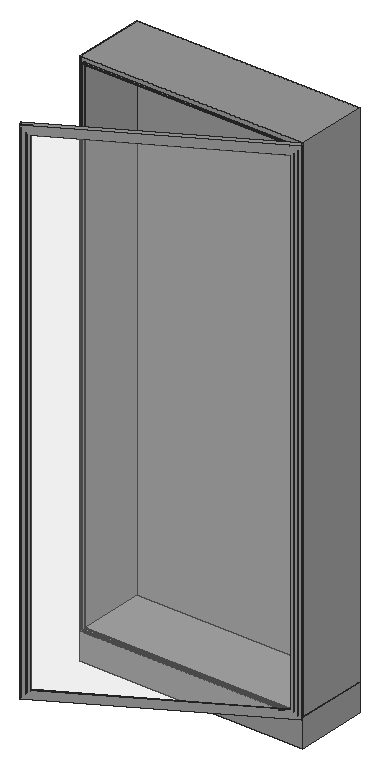
Revit family "Hager-Univers-IP55-D275-H1950-Cl.I-Steel_encl-NoHosted-CH-fr", category Electrical Equipment, Revit 2020
Family settings
  Panel Configuration = Two Columns, Circuits Across
  Round Connector Dimension = Use Diameter
  Part Type = Panelboard
  Work Plane-Based = Yes
  Always vertical = Yes
  Cut with Voids When Loaded = No
  Shared = No
  Room Calculation Point = No
Parameters (values of type "installation au sol IP55 L800 H1950 P275  - FR23K1")
  Width Control [instance] = if([EF000008 - largeur] > Min Width, [EF000008 - largeur], Min Width)  # 800 mm
  Type Comments = [HG000003 - Gamme]  # "Univers"
  Thickness Door [instance] = if([EF009171 - épaisseur de matériau de la porte/du couvercle] > 3 mm, 3 mm, [EF009171 - épaisseur de matériau de la porte/du couvercle])  # 1.5 mm
  Seal Frame Offset [instance] = 17 mm  # constant formula
  Plinth Visibility [instance] = [HG000027 - Hauteur du socle] > 0 mm  # yes
  Min Width [instance] = 100 mm  # constant formula
  Min Depth [instance] = (2 * [EF009170 - épaisseur de matériau du boîtier]) + 1 mm  # 4 mm
  Min Height [instance] = 100 mm  # constant formula
  Internal Frame Depth [instance] = (Door System Depth * 0.5)  # 9 mm
  Panel Name [instance] = ""  # (empty or 0)
  Model = ""
  HG000027 - Hauteur du socle = 100 mm
  HG000026 - Installation au sol = yes
  HG000024 - Hauteur de la section basse = 600 mm
  HG000023 - Armoire double section = no
  HG000016 - Visibilité de la porte 3D [instance] = yes
  HG000015 - Visibilité de l'emprise de la porte [instance] = no
  HG000014 - Porte à droite [instance] = yes
  HG000013 - Porte à gauche [instance] = not([HG000014 - Porte à droite])  # no
  HG000012 - Angle de pivotement de la porte [instance] = 30.00°
  HG000010 - Portes asymétriques = no
  HG000009 - Porte à double battant = no
  HG000006 - Encastré = no
  HG000004 - Référence fabricant = "FR23K1"
  HG000003 - Gamme = "Univers"
  HG000002 - avec porte = yes
  Frame Offset Bottom [instance] = 10 mm  # constant formula
  Frame Offset [instance] = 15 mm  # constant formula
  EF015940 - couvercle avec décharge de pression = no
  EF011959 - degré de protection (NEMA) = ""
  EF009554 - nombre d'ouvertures pour plaques à bride = 6
  EF009212 - finition du couvercle = "EV000116 - fermé"
  EF009171 - épaisseur de matériau de la porte/du couvercle = 1.5 mm
  EF009170 - épaisseur de matériau du boîtier = 1.5 mm
  EF008873 - courant nominal (In) = 800 A
  EF007800 - adapté à un parafoudre = no
  EF006306 - avec serrure = no
  EF006244 - couvercle/porte transparent(e) = yes
  EF005474 - indice de protection (IP) = "EV006420 - IP55"
  EF004464 - type de porte = "EV002646 - unique"
  EF004427 - nombre de modules = 432
  EF004293 - indice de protection contre les chocs (IK) = "EV008784 - IK10"
  EF003532 - convient pour utilisation à l’extérieur = no
  EF002950 - largeur en nombre de modules = 24
  EF001613 - maintien de fonction = "EV000494 - sans"
  EF001596 - matériau du boîtier/corps = "EV000179 - acier"
  EF001131 - profondeur intérieure = 275 mm
  EF001088 - possibilité de montage en saillie = yes
  EF000437 - nombre d'entrées de conduit = 6
  EF000339 - type de capot = "EV004216 - porte"
  EF000266 - nombre de rangées = 12
  EF000218 - profondeur d'encastrement = 0 mm
  EF000118 - avec cadre/support de montage = no
  EF000116 - numéro RAL = "7035"
  EF000049 - profondeur = 275 mm
  EF000040 - hauteur = 1950 mm
  EF000008 - largeur = 800 mm
  EF000007 - couleur = "EV000270 - gris"
  EF000003 - mode de pose = "EV012274 - installation au sol"
  Door System Leaf Tolerance [instance] = 1.5 mm  # constant formula
  Door System Depth [instance] = 18 mm  # constant formula
  Door Height [instance] = Height Control - [HG000027 - Hauteur du socle]  # 1850 mm
  Description = ""
  Default Elevation = 1219.2 mm
  Connector Offset [instance] = Height Control / 2  # 975 mm
  Manufacturer = "Hager"  # constant formula
  Height Control [instance] = if([EF000040 - hauteur] > Min Height, [EF000040 - hauteur], Min Height)  # 1950 mm
  Depth Control [instance] = if([EF000049 - profondeur] > Min Depth, [EF000049 - profondeur], Min Depth)  # 275 mm
  Bottom Top Plate Trim [instance] = 1.5 mm  # constant formula
  Plinth height Ctrl [instance] = if([HG000027 - Hauteur du socle] > 0 mm, [HG000027 - Hauteur du socle], 12 mm)  # 100 mm
Types (11, lengths in mm): name | Width Control | HG000010 - Portes asymétriques | HG000009 - Porte à double battant | HG000004 - Référence fabricant | EF009554 - nombre d'ouvertures pour plaques à bride | EF006244 - couvercle/porte transparent(e) | EF004464 - type de porte | EF004427 - nombre de modules | EF000437 - nombre d'entrées de conduit | EF000008 - largeur
  installation au sol IP55 L1050 H1950 P275  - FR24E1 | 1050 | yes | yes | "FR24E1" | 8 | no | "EV003602 - double" | 576 | 8 | 1050
  installation au sol IP55 L1050 H1950 P275  - FR24K1 | 1050 | yes | yes | "FR24K1" | 8 | yes | "EV003602 - double" | 576 | 8 | 1050
  installation au sol IP55 L1300 H1950 P275  - FR25E1 | 1300 | yes | yes | "FR25E1" | 10 | no | "EV003602 - double" | 720 | 10 | 1300
  installation au sol IP55 L1300 H1950 P275  - FR25K1 | 1300 | yes | yes | "FR25K1" | 10 | yes | "EV003602 - double" | 720 | 10 | 1300
  installation au sol IP55 L1550 H1950 P275  - FR26E1 | 1550 | yes | yes | "FR26E1" | 12 | no | "EV003602 - double" | 864 | 12 | 1550
  installation au sol IP55 L1550 H1950 P275  - FR26K1 | 1550 | yes | yes | "FR26K1" | 12 | yes | "EV003602 - double" | 864 | 12 | 1550
  installation au sol IP55 L300 H1950 P275  - FR21E1 | 300 | no | no | "FR21E1" | 2 | no | "EV002646 - unique" | 144 | 2 | 300
  installation au sol IP55 L550 H1950 P275  - FR22E1 | 550 | no | no | "FR22E1" | 4 | no | "EV002646 - unique" | 288 | 4 | 550
  installation au sol IP55 L550 H1950 P275  - FR22K1 | 550 | no | no | "FR22K1" | 4 | yes | "EV002646 - unique" | 288 | 4 | 550
  installation au sol IP55 L800 H1950 P275  - FR23E1 | 800 | no | no | "FR23E1" | 6 | no | "EV002646 - unique" | 432 | 6 | 800
  installation au sol IP55 L800 H1950 P275  - FR23K1 | 800 | no | no | "FR23K1" | 6 | yes | "EV002646 - unique" | 432 | 6 | 800
Reference planes
  plane 1 "Center (Front/Back)": y = 0
  plane 2: z = 0
  plane 3 "Center (Left/Right)": x = 0
  plane 4: y = 0
  plane 5: y = 0
  plane 6: z = 0
  plane 7: x = -400
  plane 8: x = 400
  plane 9: x = 398.5
  plane 10: x = -398.5
  plane 11: z = 100
  plane 12: z = 101.5
  plane 13: y = -275
  plane 14: y = -1.5
  plane 15: x = 0
  plane 16: y = -257
  plane 17: y = -273.5
  plane 18: y = -255.5
  plane 19: x = -383.5
  plane 20: x = 383.5
  plane 21: z = 111.5
  plane 22: x = -383
  plane 23: x = 383
  plane 24: z = 100
  plane 25: z = 1950
  plane 26: z = 1950
  plane 27: z = 1933.5
  plane 28: z = 1948.5
Forms (mm)
  Extrusion 1, solid, material "Hager_Steel_RAL7035_Light_Grey", detail levels medium+fine
    sketch origin (-208.679, -4572, 100) x (-1, 0, 0) y (0, -1, 0)
      loop
        line (191.321, -4315) -> (-608.679, -4315) -> (-608.679, -4572) -> (191.321, -4572) -> (191.321, -4315)
    from 0 to 1850
  Extrusion 2, void
    sketch origin (-350.771, -275, 1219.2) x (1, 0, 0) y (0, 0, 1)
      loop
        line (-47.729, 729.3) -> (-47.729, -1117.7) -> (749.271, -1117.7) -> (749.271, 729.3) -> (-47.729, 729.3)
    from -19.5 to -273.5
  Extrusion 3, void
    sketch origin (-290.084, -257, 1219.2) x (1, 0, 0) y (0, 0, 1)
      loop
        line (-93.416, -1107.7) -> (673.584, -1107.7) -> (673.584, 714.3) -> (-93.416, 714.3) -> (-93.416, -1107.7)
    from 0 to -1.5
  Extrusion 4, solid, material "Hager_Steel_RAL7035_Light_Grey", visible <- "Plinth Visibility", detail levels medium+fine
    sketch origin (0, 0, 0) x (1, 0, 0) y (0, 1, 0)
      loop
        line (-400, 0) -> (-400, -257) -> (400, -257) -> (400, 0) -> (-400, 0)
    from 0 to 100 <- "Plinth height Ctrl"
  Extrusion 5, solid, material "Hager_Steel_RAL7035_Light_Grey", detail levels coarse
    sketch origin (0, 0, 0) x (1, 0, 0) y (0, 1, 0)
      loop
        line (-400, 0) -> (-400, -275) -> (400, -275) -> (400, 0) -> (-400, 0)
    from 0 to 1950 <- "Height Control"
  Sweep 6, void
    path in 3D
      loop
        line (-400, -257, 100) -> (400, -257, 100) -> (400, 0, 100) -> (-400, 0, 100) -> (-400, -257, 100)
    profile origin (-400, -128.5, 100) x (1, 0, 0) y (0, 0, 1)
      loop
        line (0, 0) -> (0, -1.5) -> (1.5, -1.5)
        arc (1.5, -1.5) -> (1.061, -0.439) -> (0, 0) r 1.5
  Extrusion 7, solid, material "Hager_Steel_RAL7035_Light_Grey", detail levels fine
    sketch origin (-400, -257, 100) x (1, 0, 0) y (0, 0, 1)
      loop
        line (16.5, 11.5) -> (783.5, 11.5) -> (783.5, 1833.5) -> (16.5, 1833.5) -> (16.5, 11.5)
      loop
        line (15, 10) -> (785, 10) -> (785, 1835) -> (15, 1835) -> (15, 10)
    from 0 to 9 <- "Internal Frame Depth"
Cuts and joins
  Extrusion 2, Extrusion 3 cuts Extrusion 1
  Sweep 6 cuts Extrusion 4
Lines and regions (mm)
  Masking region 1
    outline origin (0, 0, 0) x (1, 0, 0) y (0, 1, 0)
      loop
        line (-400, 0) -> (-400, -275) -> (400, -275) -> (400, 0) -> (-400, 0)
  Masking region 2, detail levels coarse
    outline origin (-290.084, -257, 1219.2) x (-1, 0, 0) y (0, 0, 1)
      loop
        line (-690.084, -1219.2) -> (109.916, -1219.2) -> (109.916, 730.8) -> (-690.084, 730.8) -> (-690.084, -1219.2)
  Masking region 3, detail levels coarse
    outline origin (0, 0, 0) x (0, 1, 0) y (0, 0, 1)
      loop
        line (0, 0) -> (0, 1950) -> (-275, 1950) -> (-275, 0) -> (0, 0)
  Masking region 4, visible <- "Plinth Visibility", detail levels medium+fine
    outline origin (0, 0, 0) x (0, 1, 0) y (0, 0, 1)
      loop
        line (-1.5, 100) -> (-255.5, 100)
        arc (-255.5, 100) -> (-255.939, 98.939) -> (-257, 98.5) r 1.5
        line (-257, 98.5) -> (-257, 0) -> (0, 0) -> (0, 98.5)
        arc (0, 98.5) -> (-1.061, 98.939) -> (-1.5, 100) r 1.5
  Masking region 5, detail levels medium+fine
    outline origin (0, 0, 594.038) x (0, 1, 0) y (0, 0, 1)
      loop
        line (0, -494.038) -> (0, 1355.962) -> (-257, 1355.962) -> (-257, -494.038) -> (0, -494.038)
  Masking region 6, detail levels medium+fine
    outline origin (-359.7, -257, 1211.883) x (-1, 0, 0) y (0, 0, 1)
      loop
        line (-759.7, -1111.883) -> (40.3, -1111.883) -> (40.3, 738.117) -> (-759.7, 738.117) -> (-759.7, -1111.883)
  Masking region 7, visible <- "Plinth Visibility", detail levels medium+fine
    outline origin (-320.334, -257, 1041.368) x (-1, 0, 0) y (0, 0, 1)
      loop
        line (-720.334, -1041.368) -> (79.666, -1041.368) -> (79.666, -942.868)
        arc (79.666, -942.868) -> (78.606, -942.429) -> (78.166, -941.368) r 1.5
        line (78.166, -941.368) -> (-718.834, -941.368)
        arc (-718.834, -941.368) -> (-719.273, -942.429) -> (-720.334, -942.868) r 1.5
        line (-720.334, -942.868) -> (-720.334, -1041.368)
  sketch lines
    curve 1: line (-400, 0, 100) -> (-400, -257, 100)
    curve 2: line (-400, -257, 100) -> (400, -257, 100)
    curve 3: line (400, 0, 100) -> (-400, 0, 100)
    curve 4: line (400, -257, 100) -> (400, 0, 100)
Dimensions and locks
  locked: plane 1 "Center (Front/Back)" to plane 5
  "EF009170 - épaisseur de matériau du boîtier": plane 7 to plane 10
  "EF009170 - épaisseur de matériau du boîtier": plane 8 to plane 9
  equal spacing: plane 7, plane 3 "Center (Left/Right)", plane 8
  "Width Control": plane 7 to plane 8
  "Depth Control": plane 4 to plane 13
  "EF009170 - épaisseur de matériau du boîtier": plane 4 to plane 14
  "Height Control": plane 25 to level
  "HG000027 - Hauteur du socle": plane 11 to level
  "EF009170 - épaisseur de matériau du boîtier": plane 12 to plane 11
  "EF009170 - épaisseur de matériau du boîtier": plane 17 to plane 13
  "EF009170 - épaisseur de matériau du boîtier": plane 18 to plane 16
  "Frame Offset Bottom": plane 21 to plane 12
  "Frame Offset": plane 10 to plane 19
  "Frame Offset": plane 9 to plane 20
  "Door System Depth": plane 16 to plane 13
  "Seal Frame Offset": plane 7 to plane 22
  "Seal Frame Offset": plane 8 to plane 23
  "EF009170 - épaisseur de matériau du boîtier": plane 26 to plane 28
  "Frame Offset": plane 28 to plane 27
  "Connector Offset": plane 2 to connector elem
  "Bottom Top Plate Trim": profile plane to Sweep 6 sketch curve
  "Bottom Top Plate Trim": Sweep 6 sketch curve to Sweep 6 sketch curve
  "Plinth height Ctrl": Masking region 4 sketch curve to level
  "Plinth height Ctrl": Masking region 7 sketch curve to level
  "Thickness Door": Extrusion 7 sketch curve to Extrusion 7 sketch curve  (x4)
  "Bottom Top Plate Trim": radius of Sweep 6 sketch curve
  "Bottom Top Plate Trim": radius of Masking region 4 sketch curve  (x2)
  "Bottom Top Plate Trim": radius of Masking region 7 sketch curve  (x2)
  aligned and locked: Extrusion 2 sketch curve to plane 12
  aligned and locked: Extrusion 2 sketch curve to plane 9
  aligned and locked: Extrusion 2 sketch curve to plane 10
  aligned and locked: Extrusion 2 to plane 14
  aligned and locked: Extrusion 1 sketch curve to plane 4
  aligned and locked: plane 8 to Extrusion 1 sketch curve
  aligned and locked: plane 7 to Extrusion 1 sketch curve
  aligned and locked: Extrusion 2 to plane 18
  aligned and locked: Extrusion 3 sketch curve to plane 19
  aligned and locked: plane 20 to Extrusion 3 sketch curve
  aligned and locked: Extrusion 3 to Extrusion 2
  aligned and locked: Extrusion 3 sketch curve to plane 21
  aligned and locked: plane 3 "Center (Left/Right)" to nested 1
  aligned and locked: Extrusion 1 sketch curve to plane 16
  aligned and locked: Extrusion 4 sketch curve to cut or joined group of Extrusion 1, Extrusion 2, Extrusion 3
  aligned and locked: Masking region 1 sketch curve to plane 7
  aligned and locked: Masking region 1 sketch curve to plane 5
  aligned and locked: Masking region 1 sketch curve to plane 8
  aligned and locked: Masking region 2 sketch curve to level
  aligned and locked: level to Masking region 3 sketch curve
  aligned and locked: plane 1 "Center (Front/Back)" to Masking region 3 sketch curve
  aligned and locked: plane 13 to Masking region 3 sketch curve
  aligned and locked: plane 5 to Masking region 4 sketch curve
  aligned and locked: Masking region 2 sketch curve to plane 8
  aligned and locked: Masking region 2 sketch curve to plane 7
  aligned and locked: plane 7 to nested 2
  aligned and locked: nested 2 to plane 5
  aligned and locked: plane 5 to Masking region 5 sketch curve
  aligned and locked: plane 26 to Masking region 5 sketch curve
  aligned and locked: Extrusion 5 sketch curve to plane 8
  aligned and locked: Extrusion 5 sketch curve to plane 7
  aligned and locked: Extrusion 5 sketch curve to plane 5
  aligned and locked: Extrusion 3 sketch curve to plane 27
  aligned and locked: Extrusion 2 sketch curve to plane 28
  aligned and locked: Masking region 2 to plane 25
  aligned and locked: Extrusion 4 to plane 16
  aligned and locked: profile plane to Sweep 6 sketch curve
  aligned and locked: Masking region 5 sketch curve to plane 24
  aligned and locked: level to Masking region 4 sketch curve
  aligned and locked: Masking region 1 to plane 13
  aligned and locked: nested 1 to plane 16
  aligned and locked: Masking region 3 to plane 25
  aligned and locked: plane 16 to Masking region 4 sketch curve
  aligned and locked: Masking region 5 sketch curve to plane 16
  aligned and locked: plane 24 to plane 11
  aligned and locked: plane 26 to plane 25
  aligned and locked: plane 26 to cut or joined group of Extrusion 1, Extrusion 2, Extrusion 3
  aligned and locked: nested 1 to plane 24
  aligned and locked: Extrusion 1 to Extrusion 3
  aligned and locked: Masking region 6 sketch curve to plane 8
  aligned and locked: Masking region 6 sketch curve to plane 24
  aligned and locked: Masking region 6 sketch curve to plane 7
  aligned and locked: Masking region 6 sketch curve to plane 26
  aligned and locked: Masking region 7 sketch curve to plane 7
  aligned and locked: level to Masking region 7 sketch curve
  aligned and locked: Masking region 7 sketch curve to plane 8
  aligned and locked: Extrusion 7 sketch curve to cut or joined group of Extrusion 1, Extrusion 2, Extrusion 3  (x4)
Automatic sketch dimensions
  plane 19 to Extrusion 3 sketch curve = 0 mm
  Extrusion 3 sketch curve to plane 20 = 0 mm
  Extrusion 3 sketch curve to plane 21 = 0 mm
  Extrusion 4 sketch curve to plane 7 = 0 mm
  Extrusion 4 sketch curve to plane 8 = 0 mm
  Extrusion 4 sketch curve to plane 16 = 0 mm
  Masking region 1 sketch curve to plane 13 = 0 mm
  Masking region 2 sketch curve to plane 25 = 0 mm
  Masking region 3 sketch curve to plane 25 = 0 mm
  Extrusion 5 sketch curve to plane 13 = 0 mm
  profile plane to Sweep 6 sketch curve = 0 mm
Nested families
  nested 1: "EC000058_Univers_Door" at (0, -257, 100), Double <- "HG000009 - Porte à double battant", Transparent <- "EF006244 - couvercle/porte transparent(e)", Angle <- "HG000012 - Angle de pivotement de la porte", Door_Right <- "HG000014 - Porte à droite", Assymetrical <- "HG000010 - Portes asymétriques", Door <- "HG000002 - avec porte", Width_Ctrl <- "Width Control", 3d_Door <- "HG000016 - Visibilité de la porte 3D", Clearance <- "HG000015 - Visibilité de l'emprise de la porte", Door_Left <- "HG000013 - Porte à gauche", Width <- "Width Control", Door_Depth <- "Door System Depth", Leaf_Tolerance <- "Door System Leaf Tolerance", Height <- "Door Height", Lock_Visibility <- "EF006306 - avec serrure", Thickness <- "Thickness Door", type "EC000058_Univers_Door", detail levels medium+fine
    with min_wh 4 mm, Width_Ctrl 800 mm, Width 800 mm, Transparent yes, Thickness 1.5 mm, Seal_Material Hager_Rubber, Lock_Visibility no, Lock_Material Hager_Plastic_RAL9005_Jet_Black, Leaf_Width 800 mm, Leaf_Tolerance_External_Sides 0 mm, Leaf_Tolerance 1.5 mm, Leaf_Offset 0 mm, Leaf_Height 1847 mm, Leaf_2_Width 800 mm, Leaf_2_Offset 400 mm, Leaf_1_Width 800 mm, Leaf_1_Offset 400 mm, Height_Ctrl 1850 mm, Height 1850 mm, Glass_Material Hager_Glass, Double_Clearance_Ctrl no, Double no, Door_Right_Ctrl yes, Door_Right yes, Door_Material Hager_Steel_RAL7035_Light_Grey, Door_Left_Ctrl no, Door_Left no, Door_Depth 18 mm, Door yes, Clearance_Material Hager_Clearance, Clearance_Depth 800 mm, Clearance_Ctrl no, Clearance no, Assymetrical no, Angle 30.00°, 3d_Door yes
  nested 2: "Hager_Enclosure_Symbol" at (-400, 0, 0), Height <- "Depth Control", Width <- "Width Control", type "Hager_Enclosure_Symbol"
    with Width_Ctrl 800 mm, Width 800 mm, Height_Ctrl 275 mm, Height 275 mm, A_Width_Int 18.047 mm, A_Width 216.562 mm, A_Height_Ctrl 240.625 mm, A_Height 240.625 mm
Connectors
  electrical at (0, 0, 975)
    settings: on plane 1 "Center (Front/Back)", index 1, voltage 0 V, apparent load 0 VA, apparent load phase1 0 VA, apparent load phase2 0 VA, apparent load phase3 0 VA, power factor 1, load classification "Other", number of poles 1, system type 30, power factor state 1, is connector primary yes, connector utility no, sub classification motor no, connector description ""
Definition of nested family "EC000058_Univers_Door"
  Parameters (values of type "EC000058_Univers_Door")
    min_wh [instance] = (2 * Thickness) + 1 mm  # 11 mm
    Width_Ctrl [instance] = 400 mm
    Width [instance] = 500 mm
    Transparent [instance] = yes
    Thickness [instance] = 5 mm
    Seal_Material [instance] = none
    Lock_Visibility [instance] = yes
    Lock_Material [instance] = none
    Leaf_Width [instance] = if((Width_Ctrl - 2 * Leaf_Tolerance_External_Sides) > 0 mm, (Width_Ctrl - 2 * Leaf_Tolerance_External_Sides), min_wh)  # 400 mm
    Leaf_Tolerance_External_Sides [instance] = 0 mm  # constant formula
    Leaf_Tolerance [instance] = 1.5 mm
    Leaf_Offset [instance] = 0 mm  # constant formula
    Leaf_Height [instance] = if((Height_Ctrl - 2 * Leaf_Tolerance) > 0 mm, (Height_Ctrl - 2 * Leaf_Tolerance), min_wh)  # 497 mm
    Leaf_2_Width [instance] = if(and(and(Double, Assymetrical), Door_Left), (Leaf_Width / 3) - (Leaf_Tolerance / 2), if(and(and(Double, Assymetrical), Door_Right), (Leaf_Width / 3) * 2 - (Leaf_Tolerance / 2), if(and(Double, not(Assymetrical)), (Leaf_Width / 2) - Leaf_Tolerance, Leaf_Width)))  # 400 mm
    Leaf_2_Offset [instance] = if(and(Double, Assymetrical), Leaf_2_Width / 2, if(and(Double, not(Assymetrical)), Leaf_Width / 4, Leaf_Width / 2))  # 200 mm
    Leaf_1_Width [instance] = if(and(and(Double, Assymetrical), Door_Right), (Leaf_Width / 3) - (Leaf_Tolerance / 2), if(and(and(Double, Assymetrical), Door_Left), (Width / 3) * 2 - (Leaf_Tolerance / 2), if(and(Double, not(Assymetrical)), (Leaf_Width / 2) - Leaf_Tolerance, Leaf_Width)))  # 400 mm
    Leaf_1_Offset [instance] = if(and(Double, Assymetrical), Leaf_1_Width / 2, if(and(Double, not(Assymetrical)), Leaf_Width / 4, Leaf_Width / 2))  # 200 mm
    Height_Ctrl [instance] = if(Height > min_wh, Height, min_wh)  # 500 mm
    Height [instance] = 500 mm
    Glass_Material [instance] = none
    Double_Clearance_Ctrl [instance] = and(Double, Clearance)  # no
    Double [instance] = no
    Door_Right_Ctrl [instance] = and(or(Door_Right, Double), Door)  # yes
    Door_Right [instance] = yes
    Door_Material [instance] = none
    Door_Left_Ctrl [instance] = and(or(Door_Left, Double), Door)  # no
    Door_Left [instance] = no
    Door_Depth [instance] = 30 mm
    Door [instance] = yes
    Default Elevation = 1219.2 mm
    Clearance_Material [instance] = none
    Clearance_Depth [instance] = if(Leaf_1_Width > Leaf_2_Width, Leaf_1_Width, Leaf_2_Width)  # 400 mm
    Clearance_Ctrl [instance] = and(not(Double), Clearance)  # yes
    Clearance [instance] = yes
    Assymetrical [instance] = yes
    Angle [instance] = 30.00°
    3d_Door [instance] = yes
  Reference planes
    plane 1 "Center (Front/Back)": y = 0
    plane 2 "Bottom": z = 0
    plane 3 "Center (Left/Right)": x = 0
    plane 4: z = 500
    plane 5: x = -200
    plane 6: x = 200
    plane 7: z = 500
    plane 8: x = -200
    plane 9: z = 0
    plane 10: x = 200
    plane 11: y = 0
    plane 12: z = 1.5
    plane 13: x = -600
    plane 14: y = -400
    plane 15: x = 600
    plane 16: x = 0
    plane 17: x = 0
    plane 18: x = -200
    plane 19: x = 200
    plane 20: z = 498.5
  Forms (mm)
    Extrusion 1, solid, material <- "Clearance_Material", visible <- "Double_Clearance_Ctrl"
      sketch origin (1200, 0, 0) x (1, 0, 0) y (0, 0, -1)
        loop
          line (-1800, -498.5) -> (-600, -498.5) -> (-600, 0) -> (-1800, 0) -> (-1800, -498.5)
      from 0 to -400
  Dimensions and locks
    equal spacing: plane 5, plane 3 "Center (Left/Right)", plane 6
    "Width_Ctrl": plane 5 to plane 6
    "Leaf_Offset": plane 5 to plane 8
    "Leaf_Offset": plane 6 to plane 10
    "Leaf_Offset": plane 9 to level
    "Leaf_Offset": plane 4 to plane 7
    "Height_Ctrl": plane 4 to level
    "Leaf_Tolerance": plane 12 to plane 9
    locked: plane 11 to plane 1 "Center (Front/Back)"
    "Leaf_1_Offset": plane 18 to plane 16
    "Leaf_2_Offset": plane 17 to plane 19
    "Leaf_1_Width": plane 13 to plane 8
    "Leaf_2_Width": plane 10 to plane 15
    "Clearance_Depth": plane 14 to plane 1 "Center (Front/Back)"
    "Leaf_Tolerance_External_Sides": plane 8 to plane 18
    "Leaf_Tolerance_External_Sides": plane 19 to plane 10
    "Leaf_Tolerance": plane 7 to plane 20
    aligned and locked: level to plane 2 "Bottom"
    aligned and locked: nested 1 to plane 16
    aligned and locked: nested 2 to plane 17
    aligned and locked: Extrusion 1 to plane 13
    aligned and locked: plane 15 to Extrusion 1
    aligned and locked: Extrusion 1 to plane 14
    aligned and locked: plane 12 to nested 1
    aligned and locked: nested 2 to plane 12
    aligned and locked: Extrusion 1 to plane 11
    aligned and locked: plane 20 to Extrusion 1
    aligned and locked: nested 2 to plane 11
    aligned and locked: nested 1 to plane 11
  Automatic sketch dimensions
    Extrusion 1 sketch curve to level = 0 mm
    plane 5 to Extrusion 1 sketch curve = 400 mm
    plane 6 to Extrusion 1 sketch curve = 400 mm
    Extrusion 1 sketch curve to plane 4 = 1.5 mm
  Nested families
    nested 1: "EC000058_Univers_Door_Leaf" at (0, 0, 1.5), Width <- "Leaf_1_Width", visible <- "Door_Left_Ctrl", Leaf_Height <- "Leaf_Height", Angle <- "Angle", 3d_Door <- "3d_Door", Transparent <- "Transparent", Clearance Material <- "Clearance_Material", Clearance <- "Clearance_Ctrl", Door_Material <- "Door_Material", Glass_Material <- "Glass_Material", Door_Depth <- "Door_Depth", Lock_Material <- "Lock_Material", Seal_Material <- "Seal_Material", Lock_Visibility <- "Lock_Visibility", Thickness <- "Thickness", type "EC000058_Univers_Door_Leaf"
      with Width 400 mm, Transparent_Glass_Offset 30 mm, Transparent_Ctrl yes, Transparent yes, Thickness 5 mm, Standard no, Seal_Material none, Seal_D2 8 mm, Seal_D1 1 mm, Offset_Internal_Frame 10 mm, Lock_Width 20 mm, Lock_Visibility_3d yes, Lock_Visibility yes, Lock_Thickness_3 3 mm, Lock_Thickness_2 1 mm, Lock_Thickness_1 3 mm, Lock_Radius_Offset_2 16 mm, Lock_Radius_Offset_1 15 mm, Lock_Radius_2 5 mm, Lock_Radius 6 mm, Lock_Offset 5 mm, Lock_Material none, Lock_Height 80 mm, Lock_Cover_Top_Offset_2d 17 mm, Lock_Cover_Height -65 mm, Leaf_Height 497 mm, Internal_Seal_Thickness 8 mm, Internal_Seal_Depth_2 4.5 mm, Internal_Frame_Depth 25 mm, Glass_Thickness -1 mm, Glass_Offset -2 mm, Glass_Material none, Door_Material none, Door_Depth 30 mm, Clearance Material none, Clearance yes, Angle_Ctrl 30.00°, Angle 30.00°, 3d_Door yes
    nested 2: "EC000058_Univers_Door_Leaf" at (0, 0, 1.5) x (-1, 0, 0) z (0, 0, 1), Width <- "Leaf_2_Width", visible <- "Door_Right_Ctrl", Leaf_Height <- "Leaf_Height", Angle <- "Angle", 3d_Door <- "3d_Door", Transparent <- "Transparent", Clearance Material <- "Clearance_Material", Clearance <- "Clearance_Ctrl", Door_Material <- "Door_Material", Glass_Material <- "Glass_Material", Door_Depth <- "Door_Depth", Lock_Material <- "Lock_Material", Seal_Material <- "Seal_Material", Lock_Visibility <- "Lock_Visibility", Thickness <- "Thickness", type "EC000058_Univers_Door_Leaf"
      with Width 400 mm, Transparent_Glass_Offset 30 mm, Transparent_Ctrl yes, Transparent yes, Thickness 5 mm, Standard no, Seal_Material none, Seal_D2 8 mm, Seal_D1 1 mm, Offset_Internal_Frame 10 mm, Lock_Width 20 mm, Lock_Visibility_3d yes, Lock_Visibility yes, Lock_Thickness_3 3 mm, Lock_Thickness_2 1 mm, Lock_Thickness_1 3 mm, Lock_Radius_Offset_2 16 mm, Lock_Radius_Offset_1 15 mm, Lock_Radius_2 5 mm, Lock_Radius 6 mm, Lock_Offset 5 mm, Lock_Material none, Lock_Height 80 mm, Lock_Cover_Top_Offset_2d 17 mm, Lock_Cover_Height -65 mm, Leaf_Height 497 mm, Internal_Seal_Thickness 8 mm, Internal_Seal_Depth_2 4.5 mm, Internal_Frame_Depth 25 mm, Glass_Thickness -1 mm, Glass_Offset -2 mm, Glass_Material none, Door_Material none, Door_Depth 30 mm, Clearance Material none, Clearance yes, Angle_Ctrl 30.00°, Angle 30.00°, 3d_Door yes
  Definition of nested family "EC000058_Univers_Door_Leaf"
    Parameters (values of type "EC000058_Univers_Door_Leaf")
      Width [instance] = 2000 mm
      Transparent_Glass_Offset [instance] = 30 mm
      Transparent_Ctrl [instance] = and(Transparent, [3d_Door])  # yes
      Transparent [instance] = yes
      Thickness [instance] = 5 mm
      Standard [instance] = and(not(Transparent), [3d_Door])  # no
      Seal_Material [instance] = none
      Seal_D2 [instance] = 8 mm  # constant formula
      Seal_D1 [instance] = 1 mm  # constant formula
      Offset_Internal_Frame [instance] = 10 mm  # constant formula
      Lock_Width [instance] = 20 mm  # constant formula
      Lock_Visibility_3d [instance] = and(Lock_Visibility, [3d_Door])  # yes
      Lock_Visibility [instance] = yes
      Lock_Thickness_3 [instance] = 3 mm  # constant formula
      Lock_Thickness_2 [instance] = 1 mm  # constant formula
      Lock_Thickness_1 [instance] = 3 mm  # constant formula
      Lock_Radius_Offset_2 [instance] = Lock_Radius_Offset_1 + 1 mm  # 16 mm
      Lock_Radius_Offset_1 [instance] = 15 mm  # constant formula
      Lock_Radius_2 [instance] = Lock_Radius - 1 mm  # 5 mm
      Lock_Radius [instance] = 6 mm  # constant formula
      Lock_Offset [instance] = 5 mm  # constant formula
      Lock_Material [instance] = none
      Lock_Height [instance] = 80 mm  # constant formula
      Lock_Cover_Top_Offset_2d [instance] = Lock_Radius_Offset_2 + 1 mm  # 17 mm
      Lock_Cover_Height [instance] = -(Lock_Height - Lock_Radius_Offset_1)  # -65 mm
      Leaf_Height [instance] = 2720.336 mm
      Internal_Seal_Thickness [instance] = 8 mm  # constant formula
      Internal_Seal_Depth_2 [instance] = 4.5 mm  # constant formula
      Internal_Frame_Depth [instance] = if(Door_Depth - Thickness > 5 mm, Door_Depth - Thickness, 5 mm)  # 25 mm
      Glass_Thickness [instance] = if(Thickness > 15 mm, Glass_Offset + 10 mm, -1 mm)  # -1 mm
      Glass_Offset [instance] = if(Thickness > 15 mm, -(Thickness + 10 mm) / 2, -2 mm)  # -2 mm
      Glass_Material [instance] = none
      Door_Material [instance] = none
      Door_Depth [instance] = 30 mm
      Default Elevation = 0 mm
      Clearance Material [instance] = none
      Clearance [instance] = yes
      Angle_Ctrl [instance] = if(Angle > 180.00°, 180.00°, Angle)  # 90.00°
      Angle [instance] = 90.00°
      3d_Door [instance] = yes
    Reference planes
      plane 1 "Center (Front/Back)": y = 0
      plane 2: z = 0
      plane 3 "Center (Left/Right)": x = 0
      plane 4: y = 2000
      plane 5: x = -1000
      plane 6: x = 1000
      plane 7: x = -3000
      plane 8: z = 2720.336
      plane 9: z = 30
      plane 10: z = 2690.336
      plane 11: x = 970
      plane 12: x = -970
      plane 13: y = -3
      plane 14: z = 107.833
      plane 15: y = -5
      plane 16: y = -223.314
      plane 17: x = -1000
      plane 18: z = 1360.168
      plane 19: y = 30
    Forms (mm)
      Extrusion 1, solid, material <- "Clearance Material", visible <- "Clearance"
        sketch origin (0, 0, 0) x (1, 0, 0) y (0, 0, 1)
          loop
            line (-3000, 2720.336) -> (-3000, 0) -> (1000, 0) -> (1000, 2720.336) -> (-3000, 2720.336)
        from 0 to -2000
      Extrusion 2, solid, material <- "Door_Material", visible <- "Standard", detail levels medium+fine
        sketch origin (-1000, 0, 0) x (0, 1, 0) y (-1, 0, 0)
          loop
            line (0, 30) -> (0, 25) -> (2000, 25) -> (2000, 30) -> (0, 30)
        from 0 to 2720.336 <- "Leaf_Height"
      Extrusion 3, solid, material <- "Door_Material", visible <- "Transparent_Ctrl", detail levels medium+fine
        sketch origin (-1000, 0, 0) x (0, 1, 0) y (-1, 0, 0)
          loop
            line (0, 25) -> (2000, 25) -> (2000, 30) -> (0, 30) -> (0, 25)
        from 0 to 2720.336 <- "Leaf_Height"
      Extrusion 4, void
        sketch origin (-1025, 2000, 0) x (0, 1, 0) y (0, 0, -1)
          loop
            line (-30, -2690.336) -> (-30, -30) -> (-1970, -30) -> (-1970, -2690.336) -> (-30, -2690.336)
        from 0 to 5 <- "Thickness"
      Sweep 5, solid, material <- "Seal_Material", visible <- "Transparent_Ctrl", detail levels fine
        path in 3D
          loop
            line (-1025, 30, 30) -> (-1025, 30, 2690.336) -> (-1025, 1970, 2690.336) -> (-1025, 1970, 30) -> (-1025, 30, 30)
        profile origin (-1025, 1000, 30) x (1, 0, 0) y (0, 0, 1)
          loop
            line (0, 0) -> (0, -8) -> (1, -8) -> (1, 0) -> (0, 0)
      Extrusion 6, solid, material <- "Glass_Material", visible <- "Transparent_Ctrl", detail levels medium+fine
        sketch origin (-1030, 0, 0) x (0, 1, 0) y (0, 0, -1)
          loop
            line (1970, -2690.336) -> (1970, -30) -> (30, -30) -> (30, -2690.336) -> (1970, -2690.336)
        from -2 <- "Glass_Offset" to -1 <- "Glass_Thickness"
      Extrusion 7, solid, material <- "Door_Material", visible <- "3d_Door", detail levels medium+fine
        sketch origin (-1025, 2000, 0) x (0, -1, 0) y (0, 0, -1)
          loop
            line (0, -2720.336) -> (2000, -2720.336) -> (2000, 0) -> (0, 0) -> (0, -2720.336)
          loop
            line (1995, -5) -> (5, -5) -> (5, -2715.336) -> (1995, -2715.336) -> (1995, -5)
        from 0 to 25 <- "Internal_Frame_Depth"
      Sweep 8, solid, material <- "Seal_Material", visible <- "Transparent_Ctrl", detail levels fine
        path in 3D
          loop
            line (-1025, 0, 0) -> (-1025, 2000, 0) -> (-1025, 2000, 2720.336) -> (-1025, 0, 2720.336) -> (-1025, 0, 0)
        profile origin (-1025, 0, 1360.168) x (1, 0, 0) y (0, 1, 0)
          loop
            line (0, 10) -> (2.975, 10)
            arc (2.975, 10) -> (4.053, 10.447) -> (4.5, 11.525) r 1.525
            line (4.5, 11.525) -> (4.5, 16.527)
            arc (4.5, 16.527) -> (4.069, 17.569) -> (3.027, 18) r 1.473
            line (3.027, 18) -> (0, 18) -> (0, 10)
      Extrusion 9, solid, material <- "Lock_Material", visible <- "Lock_Visibility_3d", detail levels fine
        sketch origin (-1030, 0, 0) x (0, 1, 0) y (0, 0, -1)
          loop
            arc (1993.5, -1400.168) -> (1994.561, -1399.729) -> (1995, -1398.668) r 1.5
            line (1995, -1398.668) -> (1995, -1320.168) -> (1975, -1320.168) -> (1975, -1398.668)
            arc (1975, -1398.668) -> (1975.439, -1399.729) -> (1976.5, -1400.168) r 1.5
            line (1976.5, -1400.168) -> (1993.5, -1400.168)
        from 3 <- "Lock_Thickness_1" to 0
      Blend 10, solid, material <- "Lock_Material", visible <- "Lock_Visibility_3d", detail levels fine
        base sketch origin (-1033, 0, 0) x (0, 1, 0) y (0, 0, -1)
          loop
            line (1975, -1320.168) -> (1975, -1398.668)
            arc (1975, -1398.668) -> (1975.439, -1399.729) -> (1976.5, -1400.168) r 1.5
            line (1976.5, -1400.168) -> (1993.5, -1400.168)
            arc (1993.5, -1400.168) -> (1994.561, -1399.729) -> (1995, -1398.668) r 1.5
            line (1995, -1398.668) -> (1995, -1320.168) -> (1975, -1320.168)
        top sketch origin (-1033, 0, 0) x (0, 1, 0) y (0, 0, -1)
          loop
            line (1976, -1320.168) -> (1976, -1398.668)
            arc (1976, -1398.668) -> (1976.146, -1399.022) -> (1976.5, -1399.168) r 0.5
            line (1976.5, -1399.168) -> (1993.5, -1399.168)
            arc (1993.5, -1399.168) -> (1993.854, -1399.022) -> (1994, -1398.668) r 0.5
            line (1994, -1398.668) -> (1994, -1320.168) -> (1976, -1320.168)
        from 0 to 1 <- "Lock_Thickness_2"
      Blend 11, solid, material <- "Lock_Material", visible <- "Lock_Visibility_3d", detail levels fine
        base sketch origin (-1034, 0, 0) x (0, 1, 0) y (0, 0, -1)
          loop
            line (1978, -1320.168) -> (1978, -1384.168)
            arc (1978, -1384.168) -> (1985, -1391.168) -> (1992, -1384.168) r 7
            line (1992, -1384.168) -> (1992, -1320.168) -> (1978, -1320.168)
        top sketch origin (-1034, 0, 0) x (0, 1, 0) y (0, 0, -1)
          loop
            line (1991, -1320.168) -> (1979, -1320.168) -> (1979, -1383.168)
            arc (1979, -1383.168) -> (1985, -1389.168) -> (1991, -1383.168) r 6
            line (1991, -1383.168) -> (1991, -1320.168)
        from 0 to 3 <- "Lock_Thickness_3"
      Extrusion 12, solid, material <- "Lock_Material", visible <- "Lock_Visibility_3d", detail levels fine
        sketch origin (-1030, 1975, 1320.168) x (1, 0, 0) y (0, -1, 0)
          loop
            line (-7, -19) -> (-7, -1) -> (0, -1) -> (0, 0) -> (-8, 0) -> (-8, -20) -> (0, -20) -> (0, -19) -> (-7, -19)
        from 0 to -65 <- "Lock_Cover_Height"
      Extrusion 13, void
        sketch origin (-1038, 1995, 1320.168) x (-1, 0, 0) y (0, 0, -1)
          loop
            line (-5, -65) -> (0, -65) -> (-5, -60) -> (-5, -65)
        from 0 to 20 <- "Lock_Width"
      Extrusion 14, void
        sketch origin (-1038, 1975, 1320.168) x (0, -1, 0) y (0, 0, -1)
          loop
            circle (-10, -15.995) r 6
          loop
            circle (-10, -15.995) r 5
        from 0 to 2
      Extrusion 15, solid, material <- "Lock_Material", visible <- "Lock_Visibility_3d", detail levels medium
        sketch origin (-1030, 0, 0) x (0, 1, 0) y (0, 0, -1)
          loop
            arc (1993.5, -1400.168) -> (1994.561, -1399.729) -> (1995, -1398.668) r 1.5
            line (1995, -1398.668) -> (1995, -1320.168) -> (1975, -1320.168) -> (1975, -1398.668)
            arc (1975, -1398.668) -> (1975.439, -1399.729) -> (1976.5, -1400.168) r 1.5
            line (1976.5, -1400.168) -> (1993.5, -1400.168)
        from 8 to 0
    Cuts and joins
      Extrusion 4 cuts Extrusion 3
      Extrusion 13, Extrusion 14 cuts Extrusion 9
      Extrusion 14 cuts Blend 11
      Extrusion 13, Extrusion 14 cuts Extrusion 12
      joined: Extrusion 9, Blend 10, Blend 11, Extrusion 12
      Extrusion 14 cuts Extrusion 15
    Lines and regions (mm)
      Masking region 1, visible <- "Lock_Visibility", detail levels fine
        outline origin (0, 0, 0) x (0, 1, 0) y (0, 0, 1)
          loop
            line (30, 1320.168) -> (33, 1320.168) -> (33, 1400.168) -> (30, 1400.168) -> (30, 1320.168)
      Masking region 2, visible <- "Lock_Visibility", detail levels fine
        outline origin (0, 3.143, 0) x (0, 1, 0) y (0, 0, 1)
          loop
            line (29.857, 1354.168) -> (30.857, 1354.168) -> (30.857, 1366.168) -> (29.857, 1366.168) -> (29.857, 1354.168)
      Masking region 3, detail levels medium+fine
        outline origin (0, 0, 0) x (0, 1, 0) y (0, 0, 1)
          loop
            line (0, 0) -> (30, 0) -> (30, 2720.336) -> (0, 2720.336) -> (0, 0)
      Masking region 4, detail levels medium+fine
        outline origin (0, 0, 0) x (1, 0, 0) y (0, 0, 1)
          loop
            line (-1000, 2720.336) -> (-1000, 0) -> (1000, 0) -> (1000, 2720.336) -> (-1000, 2720.336)
      Masking region 5, visible <- "Lock_Visibility", detail levels fine
        outline origin (-47.116, 0, 0) x (1, 0, 0) y (0, 0, 1)
          loop
            arc (1024.616, 1399.168) -> (1023.556, 1398.729) -> (1023.116, 1397.668) r 1.5
            line (1023.116, 1397.668) -> (1023.116, 1320.168) -> (1041.116, 1320.168) -> (1041.116, 1397.668)
            arc (1041.116, 1397.668) -> (1040.677, 1398.729) -> (1039.616, 1399.168) r 1.5
            line (1039.616, 1399.168) -> (1024.616, 1399.168)
      Masking region 6, visible <- "Lock_Visibility", detail levels medium+fine
        outline origin (-25, 0, 0) x (1, 0, 0) y (0, 0, 1)
          loop
            arc (1001.5, 1400.168) -> (1000.439, 1399.729) -> (1000, 1398.668) r 1.5
            line (1000, 1398.668) -> (1000, 1320.168) -> (1020, 1320.168) -> (1020, 1398.668)
            arc (1020, 1398.668) -> (1019.561, 1399.729) -> (1018.5, 1400.168) r 1.5
            line (1018.5, 1400.168) -> (1001.5, 1400.168)
      Masking region 7, visible <- "Lock_Visibility", detail levels fine
        outline origin (-73.735, 0, 0) x (1, 0, 0) y (0, 0, 1)
          loop
            line (1051.735, 1382.168) -> (1065.735, 1382.168) -> (1065.735, 1384.168)
            arc (1065.735, 1384.168) -> (1058.735, 1391.168) -> (1051.735, 1384.168) r 7
            line (1051.735, 1384.168) -> (1051.735, 1382.168)
      Masking region 8, visible <- "Lock_Visibility", detail levels fine
        outline origin (-73.735, 0, 0) x (1, 0, 0) y (0, 0, 1)
          loop
            line (1052.735, 1382.168) -> (1064.735, 1382.168) -> (1064.735, 1383.168)
            arc (1064.735, 1383.168) -> (1058.735, 1389.168) -> (1052.735, 1383.168) r 6
            line (1052.735, 1383.168) -> (1052.735, 1382.168)
      Masking region 9, visible <- "Lock_Visibility", detail levels fine
        outline origin (-25, 0, 0) x (1, 0, 0) y (0, 0, 1)
          loop
            line (1020, 1320.168) -> (1020, 1382.168) -> (1000, 1382.168) -> (1000, 1320.168) -> (1020, 1320.168)
      Masking region 10, detail levels medium+fine
        outline origin (0, 0, 0) x (1, 0, 0) y (0, 0, 1)
          loop
            circle (985, 1335.144) r 6
      Masking region 11, detail levels fine
        outline origin (0, 0, 0) x (1, 0, 0) y (0, 0, 1)
          loop
            circle (985, 1335.144) r 5
      Masking region 12, visible <- "Lock_Visibility", detail levels fine
        outline origin (0, 12.767, 0) x (0, 1, 0) y (0, 0, 1)
          loop
            line (20.233, 1320.168) -> (21.233, 1320.168) -> (21.233, 1399.168) -> (20.233, 1400.168) -> (20.233, 1320.168)
      Masking region 13, visible <- "Lock_Visibility", detail levels fine
        outline origin (0, 13.767, -10) x (0, 1, 0) y (0, 0, 1)
          loop
            line (20.233, 1330.168) -> (23.233, 1330.168) -> (23.233, 1399.168) -> (20.233, 1402.168) -> (20.233, 1330.168)
      Masking region 14, visible <- "Lock_Visibility", detail levels fine
        outline origin (0, 12.767, -10) x (0, 1, 0) y (0, 0, 1)
          loop
            line (20.233, 1330.168) -> (25.233, 1330.168) -> (25.233, 1399.305) -> (20.233, 1394.305) -> (20.233, 1330.168)
      Masking region 15, visible <- "Lock_Visibility", detail levels medium
        outline origin (0, 0, 0) x (0, 1, 0) y (0, 0, 1)
          loop
            line (30, 1320.168) -> (38, 1320.168) -> (38, 1400.168) -> (30, 1400.168) -> (30, 1320.168)
      Masking region 16, visible <- "Lock_Visibility", detail levels fine
        outline origin (-1000, 0, 0) x (0, 1, 0) y (-1, 0, 0)
          loop
            line (1975, 30) -> (1995, 30) -> (1995, 38) -> (1975, 38) -> (1975, 30)
          loop
            line (1979, 37) -> (1976, 37) -> (1976, 34) -> (1978, 34) -> (1979, 37)
          loop
            line (1994, 37) -> (1991, 37) -> (1992, 34) -> (1994, 34) -> (1994, 37)
      Masking region 17, visible <- "Lock_Visibility", detail levels medium
        outline origin (-1000, 0, 0) x (0, 1, 0) y (-1, 0, 0)
          loop
            line (1975, 30) -> (1995, 30) -> (1995, 38) -> (1975, 38) -> (1975, 30)
      symbolic lines
        curve 1: line (1000, 0, 0) -> (-3000, 0, 0)
        curve 2: arc (1000, 0, 0) -> (-1000, 2000, 0) -> (-3000, 0, 0) r 2000
        curve 4: line (-1030, 0, 0) -> (-1030, 2000, 0)
      reference lines
        curve 3: line (-1000, 0, 0) -> (-1000, 2000, 0)
      symbolic lines, detail levels medium+fine
        curve 5: line (-1030, 2000, 0) -> (-1025, 2000, 0)
        curve 7: line (-1025, 0, 0) -> (-1030, 0, 0)
        curve 8: line (-1025, 0, 0) -> (-1000, 0, 0)
        curve 9: line (-1000, 0, 0) -> (-1000, 2000, 0)
        curve 10: line (-1000, 2000, 0) -> (-1025, 2000, 0)
      symbolic lines, detail levels fine
        curve 6: line (-1025, 2000, 0) -> (-1025, 0, 0)
      sketch lines
        curve 11: line (-1025, 0, 2720.336) -> (-1025, 0, 0)
        curve 12: line (-1025, 2000, 0) -> (-1025, 0, 0)
        curve 13: line (-1025, 2000, 2720.336) -> (-1025, 2000, 0)
        curve 14: line (-1025, 0, 2720.336) -> (-1025, 2000, 2720.336)
        curve 15: line (-1025, 1970, 30) -> (-1025, 30, 30)
        curve 16: line (-1025, 30, 30) -> (-1025, 30, 2690.336)
        curve 17: line (-1025, 1970, 2690.336) -> (-1025, 1970, 30)
        curve 18: line (-1025, 30, 2690.336) -> (-1025, 1970, 2690.336)
      symbolic lines, visible <- "Transparent", detail levels medium+fine
        curve 19: line (-970, 0, 2690.336) -> (970, 0, 2690.336)
        curve 20: line (-970, 0, 30) -> (-970, 0, 2690.336)
        curve 21: line (970, 0, 30) -> (-970, 0, 30)
        curve 22: line (970, 0, 2690.336) -> (970, 0, 30)
    Dimensions and locks
      "Width": plane 1 "Center (Front/Back)" to plane 4
      equal spacing: plane 5, plane 3 "Center (Left/Right)", plane 6
      "Width": plane 5 to plane 6
      "Width": plane 7 to plane 5
      "Leaf_Height": plane 8 to level
      "Width": curve 5 to curve 3
      "Width": curve 3 to curve 3
      plane 8 to plane 10 = 30 mm
      plane 9 to level = 30 mm
      plane 12 to plane 5 = 30 mm
      plane 6 to plane 11 = 30 mm
      Extrusion 1 to Extrusion 4 sketch curve = 30 mm
      "Transparent_Glass_Offset": curve 3 to Extrusion 4 sketch curve
      "Transparent_Glass_Offset": Extrusion 4 sketch curve to cut or joined group of Extrusion 3, Extrusion 4  (x2)
      cut or joined group of Extrusion 3, Extrusion 4 to Extrusion 6 sketch curve = 30 mm
      "Transparent_Glass_Offset": cut or joined group of Extrusion 3, Extrusion 4 to Extrusion 4 sketch curve
      "Thickness": curve 6 to curve 4
      "Thickness": Extrusion 7 sketch curve to Extrusion 7 sketch curve  (x4)
      "Door_Depth": curve 4 to curve 3
      "Offset_Internal_Frame": profile plane to Sweep 8 sketch curve
      "Internal_Seal_Thickness": Sweep 8 sketch curve to Sweep 8 sketch curve
      "Internal_Seal_Depth_2": profile plane to Sweep 8 sketch curve
      "Seal_D1": profile plane to Sweep 5 sketch curve
      "Seal_D2": profile plane to Sweep 5 sketch curve
      "Thickness": Extrusion 2 sketch curve to Extrusion 2 sketch curve
      equal spacing: Extrusion 9 sketch curve, plane 18, Extrusion 9 sketch curve  (x2)
      equal spacing: Masking region 1 sketch curve, plane 18, Masking region 1 sketch curve
      "Lock_Height": Masking region 1 sketch curve to Masking region 1 sketch curve
      "Lock_Radius": Masking region 2 sketch curve to plane 18 to Masking region 2 sketch curve
      Masking region 2 sketch curve to Masking region 1 = 1 mm
      "Door_Depth": plane 19 to plane 1 "Center (Front/Back)"
      "Lock_Thickness_1": Masking region 1 sketch curve to plane 19
      "Lock_Width": Extrusion 9 sketch curve to Extrusion 9 sketch curve
      "Lock_Height": Extrusion 9 sketch curve to Extrusion 9 sketch curve
      "Lock_Offset": cut or joined group of Extrusion 3, Extrusion 4 to Extrusion 9 sketch curve
      equal spacing: plane 8, plane 18, level
      "Lock_Radius_Offset_1": Blend 11 sketch curve to Blend 10
      locked: Blend 10 to Blend 11 sketch curve at 2  (x2)
      locked: var sketch to Blend 11 sketch curve at 1  (x2)
      "Lock_Radius_Offset_2": Blend 11 sketch curve to Blend 10
      locked: Extrusion 12 sketch curve to Extrusion 12 sketch curve at 1  (x3)
      Masking region 6 sketch curve to Masking region 6 sketch curve = 80 mm
      "Lock_Height": Masking region 6 sketch curve to Masking region 6 sketch curve
      "Lock_Width": Masking region 6 sketch curve to Masking region 6 sketch curve
      locked: Masking region 6 to Masking region 5 sketch curve at 1  (x3)
      locked: Masking region 5 to Masking region 7 sketch curve at 2  (x2)
      "Lock_Radius_Offset_1": Masking region 5 to Masking region 7 sketch curve
      "Lock_Radius_Offset_2": Masking region 5 to Masking region 8 sketch curve
      locked: Masking region 7 to Masking region 8 sketch curve at 1  (x2)
      "Lock_Cover_Top_Offset_2d": Masking region 5 to Masking region 9 sketch curve
      equal spacing: Masking region 9, Masking region 10 sketch curve, Masking region 9
      equal spacing: Masking region 9, Masking region 11 sketch curve, Masking region 9
      Extrusion 15 sketch curve to Extrusion 15 sketch curve = 80 mm
      "Lock_Width": Extrusion 15 sketch curve to Extrusion 15 sketch curve
      "Lock_Height": Extrusion 15 sketch curve to Extrusion 15 sketch curve
      equal spacing: Extrusion 15 sketch curve, plane 18, Extrusion 15 sketch curve
      "Lock_Thickness_3": Masking region 13 sketch curve to Masking region 13 sketch curve
      "Lock_Height": Masking region 12 sketch curve to Masking region 12 sketch curve
      locked: Masking region 13 sketch curve to Masking region 1 at 8
      locked: Masking region 14 sketch curve to Masking region 13 at 1
      locked: Masking region 14 sketch curve to Masking region 1 at 10.863
      "Lock_Height": Masking region 15 sketch curve to Masking region 15 sketch curve
      "Lock_Offset": Extrusion 15 sketch curve to cut or joined group of Extrusion 3, Extrusion 4
      "Lock_Offset": plane 6 to Masking region 6 sketch curve
      radius of Sweep 8 sketch curve = 1.525 mm
      radius of Sweep 8 sketch curve = 1.473 mm
      radius of Extrusion 9 sketch curve = 1.5 mm  (x2)
      "Lock_Radius": radius of Extrusion 14 sketch curve
      "Lock_Radius_2": radius of Extrusion 14 sketch curve
      "Lock_Radius": radius of Masking region 10 sketch curve
      "Lock_Radius_2": radius of Masking region 11 sketch curve
      radius of Extrusion 15 sketch curve = 1.5 mm  (x2)
      "Angle_Ctrl": angle plane 1 "Center (Front/Back)" to curve 3
      locked: Masking region 12 sketch curve to Masking region 12 sketch curve (angle 45.00°)
      locked: Masking region 13 sketch curve to Masking region 13 sketch curve (angle 45.00°)
      locked: Masking region 14 sketch curve to Masking region 14 sketch curve (angle 45.00°)
      aligned and locked: level to plane 2
      aligned and locked: Extrusion 1 to curve 1
      aligned and locked: plane 6 to Extrusion 1
      aligned and locked: Extrusion 1 to plane 1 "Center (Front/Back)"
      aligned and locked: plane 4 to Extrusion 1
      aligned and locked: plane 8 to Extrusion 1
      aligned and locked: curve 7 to Extrusion 2 sketch curve
      aligned and locked: curve 5 to Extrusion 2 sketch curve
      aligned and locked: curve 7 to Extrusion 3 sketch curve
      aligned and locked: Extrusion 3 sketch curve to curve 4
      aligned and locked: Extrusion 3 sketch curve to curve 6
      aligned and locked: Extrusion 3 sketch curve to curve 5
      aligned and locked: curve 9 to curve 3
      aligned and locked: Extrusion 7 sketch curve to cut or joined group of Extrusion 3, Extrusion 4  (x4)
      aligned and locked: plane 17 to curve 3
      aligned and locked: plane 1 "Center (Front/Back)" to curve 3
      aligned and locked: plane 17 to plane 5
      aligned and locked: Sweep 8 sketch curve to profile plane
      aligned and locked: Sweep 5 sketch curve to profile plane  (x2)
      aligned and locked: Masking region 1 to Masking region 2 sketch curve
      aligned and locked: plane 19 to Masking region 1 sketch curve
      aligned and locked: plane 1 "Center (Front/Back)" to Masking region 3 sketch curve
      aligned and locked: plane 19 to Masking region 3 sketch curve
      aligned and locked: level to Masking region 3 sketch curve
      aligned and locked: Masking region 3 sketch curve to plane 8
      aligned and locked: plane 17 to Masking region 4 sketch curve
      aligned and locked: level to Masking region 4 sketch curve
      aligned and locked: Masking region 4 sketch curve to plane 8
      aligned and locked: plane 12 to curve 20
      aligned and locked: plane 10 to curve 19
      aligned and locked: plane 11 to curve 22
      aligned and locked: curve 21 to plane 9
      aligned and locked: Extrusion 2 sketch curve to cut or joined group of Extrusion 3, Extrusion 4
      aligned and locked: Blend 10 sketch curve to Extrusion 9  (x4)
      aligned and locked: Extrusion 9 to Blend 10 sketch curve
      aligned and locked: Blend 10 to Blend 11 sketch curve
      aligned and locked: Extrusion 12 sketch curve to Blend 11
      aligned and locked: Extrusion 12 sketch curve to Extrusion 9  (x4)
      aligned and locked: Masking region 5 sketch curve to Masking region 6
      aligned and locked: Masking region 9 sketch curve to Masking region 6  (x3)
      aligned and locked: Masking region 12 sketch curve to Masking region 1
      aligned and locked: Masking region 13 sketch curve to Masking region 1
      aligned and locked: Masking region 12 to Masking region 14
      aligned and locked: Masking region 14 sketch curve to Masking region 1
      aligned and locked: Masking region 15 sketch curve to Masking region 14
      aligned and locked: Masking region 13 sketch curve to Masking region 12
      aligned and locked: Masking region 16 sketch curve to cut or joined group of Extrusion 14, Extrusion 15  (x4)
      aligned and locked: Masking region 16 sketch curve to cut or joined group of Extrusion 9, Blend 10, Blend 11, Extrusion 12, Extrusion 13, Extrusion 14  (x6)
      aligned and locked: cut or joined group of Extrusion 9, Blend 10, Blend 11, Extrusion 12, Extrusion 13, Extrusion 14 to Masking region 16 sketch curve
      aligned and locked: Masking region 17 sketch curve to cut or joined group of Extrusion 14, Extrusion 15  (x3)
      aligned and locked: Masking region 17 sketch curve to cut or joined group of Extrusion 9, Blend 10, Blend 11, Extrusion 12, Extrusion 13, Extrusion 14
      aligned and locked: Masking region 9 to Masking region 8 sketch curve
      aligned and locked: Masking region 9 to Masking region 7 sketch curve
    Automatic sketch dimensions
      plane 1 "Center (Front/Back)" to curve 2 = 0 mm
      curve 2 to plane 5 = 0 mm
      Extrusion 1 sketch curve to level = 0 mm
      Extrusion 1 sketch curve to plane 7 = 0 mm
      Extrusion 1 sketch curve to plane 6 = 0 mm
      Extrusion 1 sketch curve to plane 8 = 0 mm
      Extrusion 3 to Extrusion 6 sketch curve = 30 mm  (x4)
      Masking region 4 sketch curve to plane 6 = 0 mm
      Blend 10 sketch curve to Extrusion 9 = 1.5 mm
      Blend 10 sketch curve to Extrusion 9 = 1 mm
      Extrusion 13 sketch curve to Extrusion 12 = 0 mm  (x2)
      Extrusion 12 to Extrusion 13 sketch curve = 3 mm
      Extrusion 13 sketch curve to Extrusion 12 = 5 mm
      Extrusion 14 sketch curve to Extrusion 14 sketch curve = 0 mm  (x2)
      Extrusion 14 sketch curve to Extrusion 12 = 10 mm
      Extrusion 14 sketch curve to Extrusion 12 = 15.995 mm
      Masking region 5 sketch curve to Masking region 5 sketch curve = 1.5 mm  (x2)
      Masking region 10 sketch curve to plane 18 = 25.024 mm
      Masking region 11 sketch curve to plane 18 = 25.024 mm
      plane 19 to Masking region 14 sketch curve = 3 mm
      Masking region 16 sketch curve to Masking region 16 sketch curve = 3 mm
      curve 4 to curve 3 = 0 mm
      Blend 10 to Blend 11 sketch curve = 0 mm
      Masking region 6 sketch curve to Masking region 6 sketch curve = 1.5 mm  (x2)
      Masking region 6 sketch curve to plane 18 = 40 mm
      plane 19 to Masking region 12 sketch curve = 3 mm
      Masking region 12 sketch curve to Masking region 12 sketch curve = 1 mm
      Masking region 15 sketch curve to plane 19 = 0 mm
      Masking region 15 sketch curve to plane 18 = 40 mm
      radius of Blend 10 sketch curve to Extrusion 9 = 1 mm
Definition of nested family "Hager_Enclosure_Symbol"
  Parameters (values of type "Hager_Enclosure_Symbol")
    Width_Ctrl [instance] = if(Width > 1 mm, Width, 1 mm)  # 102.27 mm
    Width [instance] = 102.27 mm
    Height_Ctrl [instance] = if(Height > 1 mm, Height, 1 mm)  # 66.5 mm
    A_Width_Int [instance] = if(A_Width / 12 > 2 mm, A_Width / 12, 2 mm)  # 4.364 mm
    A_Width [instance] = if(A_Height_Ctrl * 0.9 > 2 mm, A_Height_Ctrl * 0.9, 2 mm)  # 52.369 mm
    A_Height_Ctrl [instance] = if(A_Height > 2 mm, A_Height, 2 mm)  # 58.188 mm
    Height [instance] = 66.5 mm
    A_Height [instance] = Height - (Height / 8)  # 58.188 mm
  Reference planes
    plane 1 "Centre (avant/arrière)": y = 0
    plane 2: z = 0
    plane 3 "Centre (gauche/droite)": x = 0
    plane 4: x = 52.369
    plane 5: y = 33.042
    plane 6: y = 41.77
    plane 7: y = 66.5
    plane 8: x = 26.184
    plane 9: y = 37.406
    plane 10: x = 102.27
    plane 11: y = 66.5
    plane 12: y = 8.313
  Lines and regions (mm)
    Filled region 1, type "Solid_Black", in view "Niveau de réf."
      outline origin (0, 0, 0) x (1, 0, 0) y (0, 1, 0)
        loop
          line (52.369, 66.5) -> (33.188, 54.536) -> (45.365, 45.006) -> (52.369, 66.5)
    Filled region 2, type "Solid_Black", in view "Niveau de réf."
      outline origin (0, 0, 0) x (1, 0, 0) y (0, 1, 0)
        loop
          line (0, 0) -> (102.27, 0) -> (102.27, 66.5) -> (0, 0)
    detail lines, in view "Niveau de réf."
      curve 1: line (0, 8.313, 0) -> (26.184, 41.77, 0)
      curve 2: line (26.184, 41.77, 0) -> (26.184, 33.042, 0)
      curve 3: line (26.184, 33.042, 0) -> (52.369, 66.5, 0)
  Dimensions and locks
    "A_Width": plane 3 "Centre (gauche/droite)" to plane 4
    equal spacing: plane 3 "Centre (gauche/droite)", plane 8, plane 4
    equal spacing: plane 6, plane 9, plane 5
    equal spacing: curve 3, Filled region 1 sketch curve, Filled region 1 sketch curve
    "Height_Ctrl": plane 1 "Centre (avant/arrière)" to plane 11
    "A_Height_Ctrl": plane 11 to plane 12
    equal spacing: plane 11, plane 9, plane 12
    "A_Width_Int": plane 6 to plane 9
    "Width_Ctrl": plane 3 "Centre (gauche/droite)" to plane 10
    angle Filled region 1 sketch curve to curve 3 = 20.00°
    angle curve 3 to Filled region 1 sketch curve = 20.00°
    locked: curve 3 to Filled region 1 sketch curve (angle 90.00°)
    aligned and locked: plane 10 to Filled region 2
    aligned and locked: plane 11 to Filled region 2 sketch curve
    aligned and locked: plane 10 to Filled region 2 sketch curve
    aligned and locked: plane 3 "Centre (gauche/droite)" to curve 1
    aligned and locked: plane 12 to curve 1
    aligned and locked: plane 7 to plane 11
  Automatic sketch dimensions
    Filled region 1 sketch curve to plane 4 = 0 mm
    Filled region 1 sketch curve to plane 7 = 0 mm
    plane 1 "Centre (avant/arrière)" to Filled region 2 sketch curve = 0 mm
    Filled region 2 sketch curve to plane 3 "Centre (gauche/droite)" = 0 mm
    curve 2 to plane 6 = 0 mm
    curve 2 to plane 8 = 0 mm
    curve 3 to plane 4 = 0 mm
    curve 2 to plane 5 = 0 mm
    curve 3 to plane 7 = 0 mm
